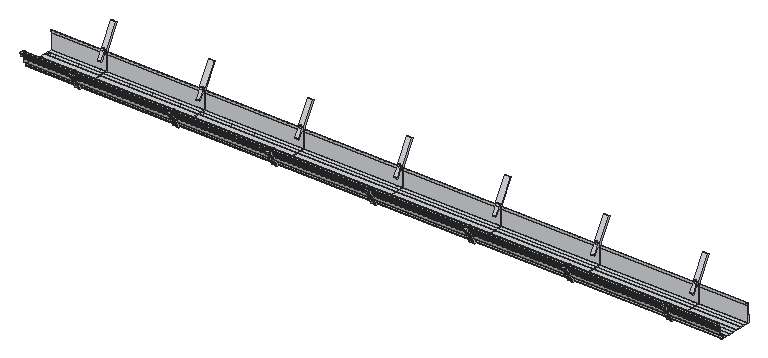
Revit family "Beugelgoot Type 8", category Generic Models, Revit 2022
Family settings
  Can host rebar = No
  Round Connector Dimension = Use Diameter
  Part Type = Normal
  Cut with Voids When Loaded = No
  Maintain Annotation Orientation = No
  Shared = No
  Room Calculation Point = No
Parameters
  Vis_array [instance] = Aantal_array = Aantal_array_safe  # yes
  URL = "https://www.meilofriks.nl/beugelgoten/type-8/"
  Type beugel [instance] = Type 8 G-Beugel : Type 8 G-Beugel
  Type Comments = "Type beugel te selecteren in Properties dropdown (Type R en Type G)"  # constant formula
  Correctie_Begin_Afstand [instance] = if(([built-in parameter 1001306] - 600 mm) > 1200 mm, 300 mm, ([built-in parameter 1001306] - 600 mm) / 3)  # 300 mm
  Short_vis [instance] = and(not(Vis_array), Calc_tussen > 599 mm)  # no
  Model = "Type 8"
  Manufacturer = "Meilof Riks B.V."  # constant formula
  built-in parameter 1001306 [instance] = 4000 mm
  Kleur [instance] = none
  Hoh_array [instance] = if(Calc_tussen / Calc_array > 600 mm, Calc_tussen / (Calc_array + 1), Calc_tussen / Calc_array)  # 566.667 mm
  Eindschot Rechts [instance] = no
  Eindschot Links [instance] = no
  Description = "Beugelgoot"  # constant formula
  Default Elevation = 0 mm
  Dakhoek [instance] = 60.00°
  Calc_tussen [instance] = [built-in parameter 1001306] - (Begin_afstand * 2)  # 3400 mm
  Calc_array [instance] = Calc_tussen / 600 mm  # 6
  Begin_afstand [instance] = if(Correctie_Begin_Afstand > 299 mm, 300 mm, Correctie_Begin_Afstand)  # 300 mm
  Afstand_einde_R [instance] = if(Eindschot Rechts, 0 mm, 11 mm)  # 11 mm
  Afstand_einde_L [instance] = if(Eindschot Links, 0 mm, 11 mm)  # 11 mm
  Aantal_array_safe [instance] = if(Aantal_array < 2, 2, Aantal_array)  # 6
  Aantal_array [instance] = if(Calc_tussen / Calc_array > 600 mm, (Calc_tussen / 600 mm) + 1, Calc_tussen / 600 mm)  # 6
Reference planes
  plane 1 "Center (Front/Back)": y = 0
  plane 2: z = 0
  plane 3 "Left": x = 0
  plane 4 "Right": x = 4000
  plane 5: y = -6
  plane 6: z = 6
  plane 7: x = 300
  plane 8: x = 3700
  plane 9: x = 866.667
  plane 10: x = 2000
  plane 11: x = 11
  plane 12: x = 3989
  plane 13: x = 0
  plane 14: x = 4000
Forms (mm)
  Sweep 1, solid, material <- "Kleur"
    path origin (0, 0, 0) x (1, 0, 0) y (0, 1, 0)
      loop
        line (0, 0) -> (4000, 0)
    profile origin (2000, 0, 0) x (0, 1, 0) y (0, 0, 1)
      loop
        line (-228.8, 92.3) -> (-221.885, 92.3) -> (-221.885, 90.2) -> (-216, 90.2)
        arc (-216, 90.2) -> (-214.6, 91.6) -> (-216, 93) r 1.4
        line (-216, 93) -> (-228.8, 93)
        arc (-228.8, 93) -> (-230.356, 92.356) -> (-231, 90.8) r 2.2
        line (-231, 90.8) -> (-231, 78.2)
        arc (-231, 78.2) -> (-230.349, 76.637) -> (-228.78, 75.999) r 2.2
        arc (-228.78, 75.999) -> (-214.376, 70.06) -> (-208.604, 55.588) r 20
        line (-208.604, 55.588) -> (-208.69, 51.424)
        arc (-208.69, 51.424) -> (-205.104, 36.034) -> (-194.591, 24.236) r 32
        line (-194.591, 24.236) -> (-191.609, 22.224)
        arc (-191.609, 22.224) -> (-191.228, 21.854) -> (-191, 21.374) r 1.5
        line (-191, 21.374) -> (-191, 8.2)
        arc (-191, 8.2) -> (-190.356, 6.644) -> (-188.8, 6) r 2.2
        line (-188.8, 6) -> (-160.768, 6) -> (-160.5, 7) -> (-140.5, 7) -> (-140.232, 6) -> (-108.768, 6) -> (-108.5, 7) -> (-88.5, 7) -> (-88.232, 6) -> (-56.768, 6) -> (-56.5, 7) -> (-36.5, 7) -> (-36.232, 6) -> (-8.2, 6)
        arc (-8.2, 6) -> (-6.644, 6.644) -> (-6, 8.2) r 2.2
        line (-6, 8.2) -> (-6, 98) -> (-8.469, 112) -> (-9.484, 111.821) -> (-6.7, 96.034) -> (-6.7, 8.2)
        arc (-6.7, 8.2) -> (-7.139, 7.139) -> (-8.2, 6.7) r 1.5
        line (-8.2, 6.7) -> (-35.695, 6.7) -> (-35.963, 7.7) -> (-57.037, 7.7) -> (-57.305, 6.7) -> (-87.695, 6.7) -> (-87.963, 7.7) -> (-109.037, 7.7) -> (-109.305, 6.7) -> (-139.695, 6.7) -> (-139.963, 7.7) -> (-161.037, 7.7) -> (-161.305, 6.7) -> (-188.8, 6.7)
        arc (-188.8, 6.7) -> (-189.861, 7.139) -> (-190.3, 8.2) r 1.5
        line (-190.3, 8.2) -> (-190.3, 21.023)
        arc (-190.3, 21.023) -> (-190.558, 22.056) -> (-191.27, 22.847) r 2.2
        line (-191.27, 22.847) -> (-194.199, 24.823)
        arc (-194.199, 24.823) -> (-204.483, 36.363) -> (-207.99, 51.417) r 31.3
        line (-207.99, 51.417) -> (-207.904, 55.574)
        arc (-207.904, 55.574) -> (-213.878, 70.552) -> (-228.786, 76.7) r 20.7
        arc (-228.786, 76.7) -> (-229.856, 77.135) -> (-230.3, 78.2) r 1.5
        line (-230.3, 78.2) -> (-230.3, 90.8)
        arc (-230.3, 90.8) -> (-229.861, 91.861) -> (-228.8, 92.3) r 1.5
  Extrusion 2, solid, material <- "Kleur", visible <- "Eindschot Links"
    sketch origin (0, 0, 0) x (0, 1, 0) y (0, 0, 1)
      loop
        line (-209.604, 55.609) -> (-209.69, 51.445)
        arc (-209.69, 51.445) -> (-205.992, 35.574) -> (-195.15, 23.407) r 33
        line (-195.15, 23.407) -> (-192, 21.374) -> (-192, 8.2)
        arc (-192, 8.2) -> (-191.063, 5.937) -> (-188.8, 5) r 3.2
        line (-188.8, 5) -> (-8.2, 5)
        arc (-8.2, 5) -> (-5.937, 5.937) -> (-5, 8.2) r 3.2
        line (-5, 8.2) -> (-5, 98.087) -> (-7.682, 113.301) -> (-229.532, 93.891)
        arc (-229.532, 93.891) -> (-231.337, 92.801) -> (-232.044, 90.815) r 3.14
        line (-232.044, 90.815) -> (-232.044, 78.2)
        arc (-232.044, 78.2) -> (-231.09, 75.911) -> (-228.771, 74.999) r 3.222
        arc (-228.771, 74.999) -> (-215.087, 69.357) -> (-209.604, 55.609) r 19
    from -1 to 11
  Extrusion 3, solid, material <- "Kleur", visible <- "Eindschot Rechts"
    sketch origin (4000, 499.956, 1219.2) x (0, 1, 0) y (0, 0, 1)
      loop
        line (-709.56, -1163.591) -> (-709.645, -1167.755)
        arc (-709.645, -1167.755) -> (-705.948, -1183.626) -> (-695.106, -1195.793) r 33
        line (-695.106, -1195.793) -> (-691.956, -1197.826) -> (-691.956, -1211)
        arc (-691.956, -1211) -> (-691.018, -1213.263) -> (-688.756, -1214.2) r 3.2
        line (-688.756, -1214.2) -> (-508.156, -1214.2)
        arc (-508.156, -1214.2) -> (-505.893, -1213.263) -> (-504.956, -1211) r 3.2
        line (-504.956, -1211) -> (-504.956, -1121.113) -> (-507.638, -1105.899) -> (-729.487, -1125.309)
        arc (-729.487, -1125.309) -> (-731.292, -1126.399) -> (-732, -1128.385) r 3.14
        line (-732, -1128.385) -> (-732, -1141)
        arc (-732, -1141) -> (-730.92, -1143.407) -> (-728.405, -1144.201) r 3.222
        arc (-728.405, -1144.201) -> (-714.93, -1149.958) -> (-709.56, -1163.591) r 19
    from -11 to 1
Lines and regions (mm)
  reference lines
    curve 1: line (0, 0, 0) -> (4000, 0, 0)
Dimensions and locks
  "built-in parameter 1001306": plane 3 "Left" to plane 4 "Right"
  locked: plane 6 to level at 6
  locked: plane 5 to plane 1 "Center (Front/Back)" at 6
  "Begin_afstand": plane 3 "Left" to plane 7
  "Begin_afstand": plane 8 to plane 4 "Right"
  "Hoh_array": plane 7 to plane 9
  equal spacing: group 1, group 2, group 3, group 4, group 5, group 6  (x3)
  equal spacing: plane 7, plane 10, plane 8
  locked: plane 3 "Left" to plane 11 at 11
  "Afstand_einde_L": plane 13 to plane 11
  locked: plane 12 to plane 4 "Right" at 11
  "Afstand_einde_R": plane 12 to plane 14
  aligned and locked: plane 4 "Right" to curve 1
  aligned and locked: plane 1 "Center (Front/Back)" to curve 1
  aligned and locked: plane 3 "Left" to curve 1
  aligned and locked: level to plane 2
  aligned and locked: plane 1 "Center (Front/Back)" to Sweep 1 sketch curve
  aligned and locked: plane 1 "Center (Front/Back)" to nested 1
  aligned and locked: plane 7 to nested 1
  aligned and locked: plane 8 to nested 2
  aligned and locked: plane 1 "Center (Front/Back)" to nested 2
  aligned and locked: plane 9 to nested 3
  aligned and locked: plane 10 to nested 4
  aligned and locked: plane 13 to Sweep 1 sketch curve
  aligned and locked: plane 14 to Sweep 1 sketch curve
Automatic sketch dimensions
  Sweep 1 sketch curve to Sweep 1 sketch curve = 0 mm  (x20)
  profile plane to Sweep 1 sketch curve = 231 mm
  Sweep 1 sketch curve to Sweep 1 sketch curve = 0.7 mm  (x10)
  Sweep 1 sketch curve to Sweep 1 sketch curve = 1.5 mm  (x3)
  Sweep 1 sketch curve to Sweep 1 sketch curve = 0.18 mm
  Sweep 1 sketch curve to Sweep 1 sketch curve = 6.915 mm
  Sweep 1 sketch curve to Sweep 1 sketch curve = 5.885 mm
  Sweep 1 sketch curve to Sweep 1 sketch curve = 19.91 mm
  Sweep 1 sketch curve to Sweep 1 sketch curve = 0.086 mm
  Sweep 1 sketch curve to Sweep 1 sketch curve = 13.399 mm
  Sweep 1 sketch curve to Sweep 1 sketch curve = 0.392 mm
  Sweep 1 sketch curve to Sweep 1 sketch curve = 2.091 mm
  Sweep 1 sketch curve to Sweep 1 sketch curve = 0.052 mm
  Sweep 1 sketch curve to Sweep 1 sketch curve = 0.891 mm
  Sweep 1 sketch curve to Sweep 1 sketch curve = 0.339 mm
  Sweep 1 sketch curve to Sweep 1 sketch curve = 17.503 mm
  Sweep 1 sketch curve to Sweep 1 sketch curve = 27.495 mm  (x2)
  Sweep 1 sketch curve to Sweep 1 sketch curve = 0.268 mm  (x6)
  Sweep 1 sketch curve to Sweep 1 sketch curve = 0.537 mm  (x6)
  Sweep 1 sketch curve to Sweep 1 sketch curve = 0.805 mm  (x6)
  Sweep 1 sketch curve to Sweep 1 sketch curve = 20 mm  (x3)
  Sweep 1 sketch curve to Sweep 1 sketch curve = 30.39 mm  (x2)
  Sweep 1 sketch curve to Sweep 1 sketch curve = 0.412 mm
  Sweep 1 sketch curve to Sweep 1 sketch curve = 1.501 mm
  Sweep 1 sketch curve to Sweep 1 sketch curve = 12 mm
  Sweep 1 sketch curve to Sweep 1 sketch curve = 0.6 mm
  Sweep 1 sketch curve to Sweep 1 sketch curve = 87.834 mm
  Sweep 1 sketch curve to Sweep 1 sketch curve = 1.966 mm
  Sweep 1 sketch curve to Sweep 1 sketch curve = 2.784 mm
  Sweep 1 sketch curve to Sweep 1 sketch curve = 1.015 mm
  Sweep 1 sketch curve to Sweep 1 sketch curve = 1.448 mm
  plane 6 to Sweep 1 sketch curve = 105.821 mm
  Sweep 1 sketch curve to Sweep 1 sketch curve = 1.284 mm
  Sweep 1 sketch curve to Sweep 1 sketch curve = 0.3 mm  (x3)
  Sweep 1 sketch curve to Sweep 1 sketch curve = 12.781 mm
  Sweep 1 sketch curve to Sweep 1 sketch curve = 0.042 mm
  Sweep 1 sketch curve to Sweep 1 sketch curve = 0.351 mm
  Sweep 1 sketch curve to Sweep 1 sketch curve = 25.942 mm
  Sweep 1 sketch curve to Sweep 1 sketch curve = 0.007 mm
  Sweep 1 sketch curve to Sweep 1 sketch curve = 4.157 mm
  Sweep 1 sketch curve to Sweep 1 sketch curve = 0.014 mm
  Sweep 1 sketch curve to Sweep 1 sketch curve = 2.201 mm
  Sweep 1 sketch curve to Sweep 1 sketch curve = 0.2 mm
  Sweep 1 sketch curve to Sweep 1 sketch curve = 22.2 mm
  plane 1 "Center (Front/Back)" to Extrusion 2 sketch curve = 232.044 mm
  Extrusion 2 sketch curve to Extrusion 2 sketch curve = 2.513 mm
  Extrusion 2 sketch curve to Extrusion 2 sketch curve = 3.14 mm
  Extrusion 2 sketch curve to Extrusion 2 sketch curve = 3.222 mm
  Extrusion 2 sketch curve to Extrusion 2 sketch curve = 0.222 mm
  level to Extrusion 2 sketch curve = 51.445 mm
  Extrusion 2 sketch curve to Extrusion 2 sketch curve = 18.91 mm
  level to Extrusion 2 sketch curve = 55.609 mm
  Extrusion 2 sketch curve to Extrusion 2 sketch curve = 0.086 mm
  level to Extrusion 2 sketch curve = 23.407 mm
  Extrusion 2 sketch curve to Extrusion 2 sketch curve = 14.54 mm
  level to Extrusion 2 sketch curve = 21.374 mm
  Extrusion 2 sketch curve to Extrusion 2 sketch curve = 3.15 mm
  Extrusion 2 sketch curve to Extrusion 2 sketch curve = 3.2 mm
  Extrusion 2 sketch curve to Extrusion 2 sketch curve = 18.453 mm
  level to Extrusion 2 sketch curve = 5 mm
  plane 1 "Center (Front/Back)" to Extrusion 2 sketch curve = 8.2 mm
  plane 1 "Center (Front/Back)" to Extrusion 2 sketch curve = 5 mm
  Extrusion 2 sketch curve to Extrusion 2 sketch curve = 0.391 mm
  Extrusion 2 sketch curve to Extrusion 2 sketch curve = 22.2 mm
  Extrusion 2 sketch curve to Extrusion 2 sketch curve = 12.615 mm
  Extrusion 2 sketch curve to Extrusion 2 sketch curve = 89.887 mm
  Extrusion 2 sketch curve to Extrusion 2 sketch curve = 0.029 mm
  Extrusion 2 sketch curve to Extrusion 2 sketch curve = 0.022 mm
  plane 1 "Center (Front/Back)" to Extrusion 2 sketch curve = 7.682 mm
  Extrusion 2 sketch curve to Extrusion 2 sketch curve = 15.213 mm
  plane 1 "Center (Front/Back)" to Extrusion 3 sketch curve = 232.044 mm
  Extrusion 3 sketch curve to Extrusion 3 sketch curve = 2.513 mm
  Extrusion 3 sketch curve to Extrusion 3 sketch curve = 3.14 mm
  Extrusion 3 sketch curve to Extrusion 3 sketch curve = 3.222 mm
  Extrusion 3 sketch curve to Extrusion 3 sketch curve = 0.222 mm
  level to Extrusion 3 sketch curve = 51.445 mm
  Extrusion 3 sketch curve to Extrusion 3 sketch curve = 18.91 mm
  level to Extrusion 3 sketch curve = 55.609 mm
  Extrusion 3 sketch curve to Extrusion 3 sketch curve = 0.086 mm
  level to Extrusion 3 sketch curve = 23.407 mm
  Extrusion 3 sketch curve to Extrusion 3 sketch curve = 14.54 mm
  level to Extrusion 3 sketch curve = 21.374 mm
  Extrusion 3 sketch curve to Extrusion 3 sketch curve = 3.15 mm
  Extrusion 3 sketch curve to Extrusion 3 sketch curve = 3.2 mm
  Extrusion 3 sketch curve to Extrusion 3 sketch curve = 32.993 mm
  level to Extrusion 3 sketch curve = 5 mm
  plane 1 "Center (Front/Back)" to Extrusion 3 sketch curve = 8.2 mm
  plane 1 "Center (Front/Back)" to Extrusion 3 sketch curve = 7.682 mm
  plane 1 "Center (Front/Back)" to Extrusion 3 sketch curve = 5 mm
  Extrusion 3 sketch curve to Extrusion 3 sketch curve = 0.391 mm
  Extrusion 3 sketch curve to Extrusion 3 sketch curve = 12.615 mm
  Extrusion 3 sketch curve to Extrusion 3 sketch curve = 89.887 mm
  Extrusion 3 sketch curve to Extrusion 3 sketch curve = 15.213 mm
  Extrusion 3 sketch curve to Extrusion 3 sketch curve = 0.373 mm
Nested families
  nested 1: "Type 8 G-Beugel" at (300, 0, 0), visible <- "Vis_array", Kleur <- "Kleur", type <- "Type beugel", type "Type 8 G-Beugel"
  nested 2: "Type 8 G-Beugel" at (3700, 0, 0), Kleur <- "Kleur", type <- "Type beugel", type "Type 8 G-Beugel"
  nested 3: "Type 8 G-Beugel" at (866.667, 0, 0), visible <- "Vis_array", Kleur <- "Kleur", type <- "Type beugel", type "Type 8 G-Beugel"
  nested 4: "Type 8 G-Beugel" at (2000, 0, 0), visible <- "Short_vis", type <- "Type beugel", type "Type 8 G-Beugel"
  nested 5: "Type 8 G-Beugel" at (1433.333, 0, 0), visible <- "Vis_array", Kleur <- "Kleur", type <- "Type beugel", type "Type 8 G-Beugel"
  nested 6: "Type 8 G-Beugel" at (2000, 0, 0), visible <- "Vis_array", Kleur <- "Kleur", type <- "Type beugel", type "Type 8 G-Beugel"
  nested 7: "Type 8 G-Beugel" at (2566.667, 0, 0), visible <- "Vis_array", Kleur <- "Kleur", type <- "Type beugel", type "Type 8 G-Beugel"
  nested 8: "Type 8 G-Beugel" at (3133.333, 0, 0), visible <- "Vis_array", Kleur <- "Kleur", type <- "Type beugel", type "Type 8 G-Beugel"
Definition of nested family "Type 8 G-Beugel"
  Parameters (values of type "Type 8 G-Beugel")
    Rad3 = 3 mm
    Kleur [instance] = none
    Default Elevation = 0 mm
    Dakhelling [instance] = 60.00°
  Reference planes
    plane 1 "Center (Front/Back)": y = 0
    plane 2: z = 0
    plane 3 "Center (Left/Right)": x = 0
    plane 4: y = -197
    plane 5: z = 114.755
  Forms (mm)
    Extrusion 1, solid, material <- "Kleur"
      sketch origin (0, 0, 0) x (0, 1, 0) y (0, 0, 1)
        loop
          arc (-5.075, 117.964) -> (-5.375, 117.241) -> (-5.477, 116.464) r 3
          line (-5.477, 116.464) -> (-5.477, 111.653)
          arc (-5.477, 111.653) -> (-8.959, 113.47) -> (-12.331, 111.458) r 4.026
          line (-12.331, 111.458) -> (-37.627, 68.618) -> (-39.137, 66.003) -> (-37.394, 64.996) -> (-35.884, 67.612) -> (-9.785, 111.842) -> (-7.491, 111.049) -> (-7.491, 95.629) -> (-6.04, 95.629) -> (-6.04, 7.55)
          arc (-6.04, 7.55) -> (-6.482, 6.482) -> (-7.55, 6.04) r 1.51
          line (-7.55, 6.04) -> (-192.3, 6.04)
          arc (-192.3, 6.04) -> (-193.24, 6.368) -> (-193.771, 7.21) r 1.51
          line (-193.771, 7.21) -> (-195.674, 15.451)
          arc (-195.674, 15.451) -> (-198.448, 22.544) -> (-203.147, 28.537) r 26.172
          arc (-203.147, 28.537) -> (-210.307, 37.722) -> (-214.457, 48.603) r 39.258
          line (-214.457, 48.603) -> (-216.44, 57.662)
          arc (-216.44, 57.662) -> (-221.723, 68.605) -> (-231.379, 75.983) r 26.172
          arc (-231.379, 75.983) -> (-233.582, 77.524) -> (-235.048, 79.777) r 7.046
          arc (-235.048, 79.777) -> (-236.032, 82.617) -> (-236.718, 85.544) r 29.192
          arc (-236.718, 85.544) -> (-237.023, 87.685) -> (-237.17, 89.842) r 29.192
          line (-237.17, 89.842) -> (-243.204, 89.842)
          arc (-243.204, 89.842) -> (-242.841, 91.038) -> (-241.701, 91.551) r 1.51
          line (-241.701, 91.551) -> (-212.034, 91.436)
          arc (-212.034, 91.436) -> (-210.968, 90.99) -> (-210.53, 89.921) r 1.51
          line (-210.53, 89.921) -> (-210.582, 76.399) -> (-208.669, 76.399) -> (-208.617, 89.986)
          arc (-208.617, 89.986) -> (-209.493, 92.125) -> (-211.625, 93.017) r 3.02
          line (-211.625, 93.017) -> (-242.396, 93.136)
          arc (-242.396, 93.136) -> (-244.82, 91.933) -> (-245.307, 89.271) r 3.02
          arc (-245.307, 89.271) -> (-244.791, 84.428) -> (-243.639, 79.696) r 36.721
          line (-243.639, 79.696) -> (-241.646, 80.313)
          arc (-241.646, 80.313) -> (-241.176, 78.901) -> (-240.646, 77.51) r 35.232
          arc (-240.646, 77.51) -> (-237.924, 73.325) -> (-233.831, 70.464) r 13.086
          arc (-233.831, 70.464) -> (-226.404, 64.789) -> (-222.34, 56.371) r 20.132
          line (-222.34, 56.371) -> (-220.357, 47.311)
          arc (-220.357, 47.311) -> (-215.568, 34.757) -> (-207.308, 24.159) r 45.298
          arc (-207.308, 24.159) -> (-203.693, 19.549) -> (-201.558, 14.093) r 20.132
          line (-201.558, 14.093) -> (-199.656, 5.851)
          arc (-199.656, 5.851) -> (-196.999, 1.641) -> (-192.3, 0) r 7.55
          line (-192.3, 0) -> (-7.55, 0)
          arc (-7.55, 0) -> (-2.211, 2.211) -> (0, 7.55) r 7.55
          line (0, 7.55) -> (0, 114.755) -> (65.5, 228.204) -> (60.304, 231.204) -> (-5.075, 117.964)
      from -15 to 15
    Extrusion 2, void
      sketch origin (15, 0, 0) x (0, -1, 0) y (0, 0, 1)
        loop
          line (6.04, 125) -> (6.04, 60) -> (51.04, 60) -> (51.04, 125) -> (6.04, 125)
      from 0 to 5
    Extrusion 3, void
      sketch origin (15, 0, 0) x (0, -1, 0) y (0, 0, 1)
        loop
          line (241.084, 80.488) -> (241.084, 73.144) -> (252.427, 73.144) -> (252.427, 98.144) -> (202.427, 98.144) -> (202.427, 69.92) -> (214.248, 69.92) -> (214.248, 89.842) -> (242.59, 89.842)
          arc (242.59, 89.842) -> (242.162, 85.113) -> (241.084, 80.488) r 34.282
      from 0 to 5
    Extrusion 4, void
      sketch origin (-15, 0, 0) x (0, -1, 0) y (0, 0, -1)
        loop
          line (6.04, -125) -> (51.04, -125) -> (51.04, -60) -> (6.04, -60) -> (6.04, -125)
      from 0 to 5
    Extrusion 5, void
      sketch origin (-15, 0, 0) x (0, -1, 0) y (0, 0, -1)
        loop
          arc (241.646, -80.313) -> (242.762, -85.023) -> (243.204, -89.842) r 34.334
          line (243.204, -89.842) -> (214.81, -89.842) -> (214.81, -69.92) -> (202.99, -69.92) -> (202.99, -98.144) -> (252.99, -98.144) -> (252.99, -73.144) -> (241.646, -73.144) -> (241.646, -80.313)
      from 0 to 5
  Cuts and joins
    Extrusion 2, Extrusion 3, Extrusion 4, Extrusion 5 cuts Extrusion 1
  Lines and regions (mm)
    reference lines
      curve 1: line (0, 0, 114.755) -> (0, 65.5, 228.204)
    model lines
      curve 2: line (0, 37.802, 180.229) -> (0, 32.605, 183.229)
      curve 3: line (0, 32.605, 183.229) -> (0, -5.196, 117.755)
      curve 4: line (0, -5.196, 117.755) -> (0, 0, 114.755)
  Dimensions and locks
    plane 4 to plane 1 "Center (Front/Back)" = 197 mm
    locked: Extrusion 2 sketch curve to level at 60
    locked: Extrusion 2 sketch curve to Extrusion 2 sketch curve at 65
    locked: Extrusion 2 sketch curve to Extrusion 2 sketch curve at 45
    locked: Extrusion 4 sketch curve to Extrusion 4 sketch curve at 65
    locked: Extrusion 4 sketch curve to Extrusion 4 sketch curve at 45
    locked: plane 5 to level at 114.755
    locked: curve 1 to curve 1 at 131
    locked: curve 3 to curve 1 at 6
    "Rad3": radius of Extrusion 1 sketch curve
    "Dakhelling": angle plane 5 to curve 1
    aligned and locked: level to plane 2
    aligned and locked: Extrusion 2 sketch curve to cut or joined group of Extrusion 1, Extrusion 2, Extrusion 3, Extrusion 4, Extrusion 5
    aligned and locked: plane 1 "Center (Front/Back)" to curve 1
    aligned and locked: plane 5 to curve 1
    aligned and locked: plane 5 to cut or joined group of Extrusion 1, Extrusion 2, Extrusion 3, Extrusion 4, Extrusion 5
    aligned and locked: curve 1 to curve 2
    aligned and locked: Extrusion 1 sketch curve to curve 1  (x2)
    aligned and locked: Extrusion 1 sketch curve to curve 3
  Automatic sketch dimensions
    Extrusion 3 sketch curve to Extrusion 1 = 0 mm  (x2)
    Extrusion 1 to Extrusion 3 sketch curve = 2.514 mm
    Extrusion 3 sketch curve to Extrusion 1 = 194.937 mm
    Extrusion 3 sketch curve to Extrusion 1 = 0.719 mm
    Extrusion 3 sketch curve to Extrusion 3 sketch curve = 5.888 mm
    Extrusion 3 sketch curve to Extrusion 3 sketch curve = 5.933 mm
    Extrusion 3 sketch curve to Extrusion 1 = 3.255 mm
    Extrusion 3 sketch curve to Extrusion 3 sketch curve = 26.836 mm
    Extrusion 3 sketch curve to Extrusion 3 sketch curve = 11.343 mm
    Extrusion 3 sketch curve to Extrusion 1 = 6.479 mm
    plane 1 "Center (Front/Back)" to Extrusion 4 sketch curve = 6.04 mm
    level to Extrusion 4 sketch curve = 125 mm
    level to Extrusion 5 sketch curve = 98.144 mm
    plane 1 "Center (Front/Back)" to Extrusion 5 sketch curve = 202.99 mm
    Extrusion 5 sketch curve to Extrusion 5 sketch curve = 5.888 mm
    Extrusion 5 sketch curve to Extrusion 5 sketch curve = 5.933 mm
    Extrusion 5 sketch curve to Extrusion 5 sketch curve = 26.836 mm
    Extrusion 5 sketch curve to Extrusion 5 sketch curve = 1.558 mm
    Extrusion 5 sketch curve to Extrusion 5 sketch curve = 11.343 mm
    Extrusion 5 sketch curve to Extrusion 5 sketch curve = 7.582 mm
    Extrusion 5 sketch curve to Extrusion 5 sketch curve = 0.719 mm
    Extrusion 5 sketch curve to Extrusion 5 sketch curve = 7.17 mm
    Extrusion 5 sketch curve to Extrusion 5 sketch curve = 20.642 mm
    curve 4 to plane 1 "Center (Front/Back)" = 0 mm
    curve 4 to plane 5 = 0 mm
    plane 5 to curve 2 = 65.474 mm
    Extrusion 1 sketch curve to Extrusion 1 sketch curve = 0 mm  (x20)
    Extrusion 1 sketch curve to level = 0 mm
    Extrusion 1 sketch curve to plane 1 "Center (Front/Back)" = 0 mm
    plane 5 to Extrusion 1 sketch curve = 1.709 mm
    plane 1 "Center (Front/Back)" to Extrusion 1 sketch curve = 6.04 mm
    Extrusion 1 sketch curve to Extrusion 1 sketch curve = 2.013 mm
    Extrusion 1 sketch curve to Extrusion 1 sketch curve = 1.51 mm  (x2)
    Extrusion 1 sketch curve to Extrusion 1 sketch curve = 1.353 mm
    Extrusion 1 sketch curve to plane 5 = 2.913 mm
    Extrusion 1 sketch curve to Extrusion 1 sketch curve = 2.294 mm
    Extrusion 1 sketch curve to plane 5 = 3.297 mm
    Extrusion 1 sketch curve to Extrusion 1 sketch curve = 2.546 mm
    plane 1 "Center (Front/Back)" to Extrusion 1 sketch curve = 35.884 mm
    Extrusion 1 sketch curve to Extrusion 1 sketch curve = 1.744 mm  (x2)
    plane 4 to Extrusion 1 sketch curve = 20.894 mm
    plane 4 to Extrusion 1 sketch curve = 4.7 mm
    Extrusion 1 sketch curve to Extrusion 1 sketch curve = 1.471 mm
    plane 4 to Extrusion 1 sketch curve = 1.326 mm
    Extrusion 1 sketch curve to plane 4 = 2.656 mm
    Extrusion 1 sketch curve to plane 4 = 4.558 mm
    Extrusion 1 sketch curve to plane 4 = 10.991 mm
    Extrusion 1 sketch curve to Extrusion 1 sketch curve = 0.624 mm
    Extrusion 1 sketch curve to Extrusion 1 sketch curve = 0.002 mm
    Extrusion 1 sketch curve to plane 4 = 11.669 mm
    Extrusion 1 sketch curve to Extrusion 1 sketch curve = 1.913 mm  (x2)
    Extrusion 1 sketch curve to Extrusion 1 sketch curve = 1.095 mm
    Extrusion 1 sketch curve to Extrusion 1 sketch curve = 1.107 mm
    Extrusion 1 sketch curve to Extrusion 1 sketch curve = 0.397 mm
    Extrusion 1 sketch curve to Extrusion 1 sketch curve = 0.403 mm
    Extrusion 1 sketch curve to plane 4 = 17.457 mm
    Extrusion 1 sketch curve to Extrusion 1 sketch curve = 1.983 mm
    Extrusion 1 sketch curve to Extrusion 1 sketch curve = 5.9 mm  (x2)
    level to Extrusion 1 sketch curve = 9.564 mm
    Extrusion 1 sketch curve to Extrusion 1 sketch curve = 19.616 mm
    Extrusion 1 sketch curve to Extrusion 1 sketch curve = 16.478 mm
    Extrusion 1 sketch curve to Extrusion 1 sketch curve = 8.652 mm
    Extrusion 1 sketch curve to Extrusion 1 sketch curve = 4.477 mm
    Extrusion 1 sketch curve to Extrusion 1 sketch curve = 4.532 mm
    Extrusion 1 sketch curve to Extrusion 1 sketch curve = 0.006 mm  (x3)
    Extrusion 1 sketch curve to Extrusion 1 sketch curve = 19.667 mm
    Extrusion 1 sketch curve to plane 5 = 21.619 mm
    Extrusion 1 sketch curve to Extrusion 1 sketch curve = 0.695 mm
    Extrusion 1 sketch curve to Extrusion 1 sketch curve = 0.701 mm
    Extrusion 1 sketch curve to Extrusion 1 sketch curve = 0.796 mm
    Extrusion 1 sketch curve to Extrusion 1 sketch curve = 1.993 mm
    level to Extrusion 1 sketch curve = 5.851 mm
    Extrusion 1 sketch curve to Extrusion 1 sketch curve = 8.241 mm
    Extrusion 1 sketch curve to Extrusion 1 sketch curve = 1.359 mm
    Extrusion 1 sketch curve to Extrusion 1 sketch curve = 37.747 mm
    Extrusion 1 sketch curve to Extrusion 1 sketch curve = 1.292 mm  (x2)
    Extrusion 1 sketch curve to Extrusion 1 sketch curve = 4.754 mm
    Extrusion 1 sketch curve to Extrusion 1 sketch curve = 9.06 mm
    Extrusion 1 sketch curve to Extrusion 1 sketch curve = 8.395 mm
    Extrusion 1 sketch curve to Extrusion 1 sketch curve = 46.462 mm
    Extrusion 1 sketch curve to Extrusion 1 sketch curve = 1.007 mm
    Extrusion 1 sketch curve to Extrusion 1 sketch curve = 18.736 mm
    Extrusion 1 sketch curve to Extrusion 1 sketch curve = 13.44 mm
    Extrusion 1 sketch curve to Extrusion 1 sketch curve = 0.617 mm
    Extrusion 1 sketch curve to Extrusion 1 sketch curve = 2.109 mm
    Extrusion 1 sketch curve to Extrusion 1 sketch curve = 3.294 mm
    Extrusion 1 sketch curve to Extrusion 1 sketch curve = 13.522 mm
    Extrusion 1 sketch curve to Extrusion 1 sketch curve = 0.065 mm
    Extrusion 1 sketch curve to Extrusion 1 sketch curve = 0.071 mm
    Extrusion 1 sketch curve to Extrusion 1 sketch curve = 0.199 mm
    Extrusion 1 sketch curve to Extrusion 1 sketch curve = 0.075 mm
    Extrusion 1 sketch curve to Extrusion 1 sketch curve = 0.743 mm
    Extrusion 1 sketch curve to Extrusion 1 sketch curve = 16.213 mm
    Extrusion 1 sketch curve to Extrusion 1 sketch curve = 2.397 mm
    Extrusion 1 sketch curve to Extrusion 1 sketch curve = 1.604 mm
    Extrusion 1 sketch curve to Extrusion 1 sketch curve = 0.452 mm
